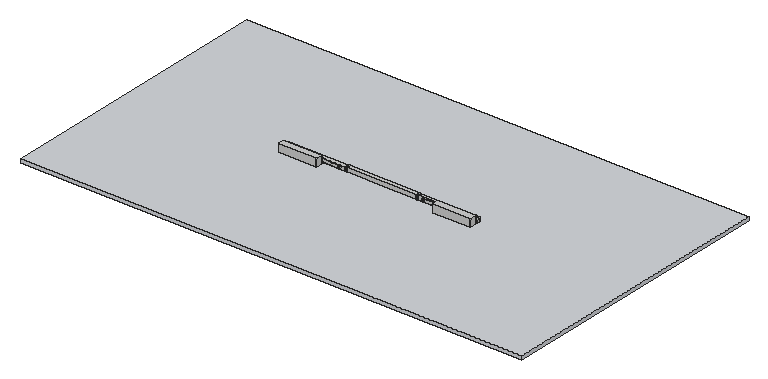
Revit family "Doors - Hardware_Double-Door_Dormakaba_TS98-GSR-XEA", category Allgemeines Modell, Revit 2016
Family settings
  Basisbauteil = Fläche
  Teiletyp = Normal
  Kann Basisbauteil für Bewehrung sein = Nein
  Bemaßung runder Anschluss = Durchmesser verwenden
  OmniClass-Nummer = 23.30.40.11.27.11
  OmniClass-Titel = Door Closers
  Beim Laden mit Abzugskörper schneiden = Nein
  Gemeinsam genutzt = Nein
  Raumberechnungspunkt = Nein
Parameters
  Youtube clip = ""
  Weight Net (Kg) = "3.4"
  Uniformat II Description = ""
  Uniformat II Code = ""
  Uniclass 2015 Name = "Uncontrolled door closers"
  Uniclass 2015 Code = "Pr_30_36_59_92"
  Uniclass 2.0 Description = ""
  Uniclass 2.0 Code = ""
  Uniclass 1.4 Description = "Door closers"
  Uniclass 1.4 Code = "L41812"
  UNSPSC Code = ""
  Technical description = ""
  Push side = TS 98-GSR-XEA_Push-Side-Door_Fixing : TS 98-GSR-XEA_Push-Side-Door_Fixing
  Pull Side Door = TS 98-GSR-XEA-Pull-Side-Door_Fixing : TS 98-GSR-XEA-Pull-Side-Door_Fixing
  Product url = "http://www.dorma.com/gb/en/products/opening_closing/door_closers/index-23222-23225.html"
  Product certification = ""
  Product SKU = "g-sr_xea"
  Primary Material = Aluminium-Dormakaba-Anodized Silver
  Operator Length [instance] = if(Door Closers Types = Pull Side Door, 592 mm, 627 mm)  # 592 mm
  Opening Angle = 0.00°
  OmniClass Description = "Door Closers"
  OmniClass Code = "23-17 19 11 19 11"
  Nominal width = 3051 mm
  Nominal height = 30 mm
  NBS Reference Description = "Door Hardware Systems"
  NBS Reference Code = "25-38-20-20"
  Max Depth Jamb to Door = if(and(Door Closers Types = Pull Side Door, Depth Jamb to Door > 16 mm), 16 mm, if(and(Door Closers Types = Push side, Depth Jamb to Door > 26 mm), 26 mm, Depth Jamb to Door))  # 0 mm
  Material secondary = "Zink"
  Material main = "Aluminium"
  Manufacturer name = "DORMA"
  Manufacturer country = "Germany"
  Installation instructions = ""
  Hinge Length Constraint [instance] = if(and(Door Closers Types = Pull Side Door, Hinge Distance < 1220 mm), 1220 mm, if(and(Door Closers Types = Push side, Hinge Distance < 1350 mm), 1350 mm, if(and(Door Closers Types = Pull Side Door, Hinge Distance > 3200 mm), 3200 mm, if(and(Door Closers Types = Push side, Hinge Distance > 3200 mm), 3200 mm, Hinge Distance))))  # 1800 mm
  Hinge Distance = 1800 mm
  Front Position Closer Height [instance] = if(Door Closers Types = Pull Side Door, 96 mm, 83 mm)  # 96 mm
  Extension Legth [instance] = Hinge Length Constraint - 2 * Operator Length  # 616 mm
  Extension Height = 17 mm  # constant formula
  Edition number = 1
  EAN code = ""
  Door Closers Types = TS 98-GSR-XEA-Pull-Side-Door_Fixing : TS 98-GSR-XEA-Pull-Side-Door_Fixing
  Design country = "Germany"
  Depth Jamb to Door = 0 mm
  Default Elevation = 1219.2 mm
  Date of publishing = ""
  Clearance Visibility [instance] = yes
  Clearance Height [instance] = if(Door Closers Types = Push side, 130 mm, 143 mm)  # 143 mm
  Brand url = "http://www.dormakaba.com"
Reference planes
  plane 1 "Center (Front/Back)": y = 0
  plane 2: z = 0
  plane 3 "Center (Left/Right)": x = 0
  plane 4: y = -100
  plane 5: x = 74.5
  plane 6: y = -4
  plane 7: x = 1800
  plane 8: x = 1725.5
  plane 9: x = 592
  plane 10: x = 1208
  plane 11: y = 13
  plane 12: y = 35.947
  plane 13: x = 583
  plane 14: x = 601
  plane 15: x = 1199
  plane 16: y = 12
  plane 17: x = 1217
  plane 18: z = 0
Forms (mm)
  Extrusion 1, solid
    sketch origin (0, 0, 0) x (1, 0, 0) y (0, 1, 0)
      loop
        line (-1219.2, 1219.2) -> (-1219.2, -1219.2) -> (3090.003, -1219.2) -> (3090.003, 1219.2) -> (-1219.2, 1219.2)
    from 0 to -33.658
  Extrusion 2, solid, material "Aluminium-Dormakaba-Anodized Silver" <- "Primary Material"
    sketch origin (0, 0, 0) x (1, 0, 0) y (0, 1, 0)
      loop
        line (592, 13) -> (1208, 13) -> (1208, 43) -> (592, 43) -> (592, 13)
    from 0 to 34
  Extrusion 3, solid, material "Aluminium-Dormakaba-Anodized Silver" <- "Primary Material"
    sketch origin (0, 0, 0) x (1, 0, 0) y (0, 1, 0)
      loop
        line (583, 12) -> (601, 12) -> (601, 44.602) -> (583, 44.602) -> (583, 12)
    from 0 to 35
  Extrusion 4, solid, material "Aluminium-Dormakaba-Anodized Silver" <- "Primary Material"
    sketch origin (246, 0, 0) x (1, 0, 0) y (0, 1, 0)
      loop
        line (953, 12) -> (971, 12) -> (971, 44.602) -> (953, 44.602) -> (953, 12)
    from 0 to 35
Dimensions and locks
  locked: plane 4 to plane 1 "Center (Front/Back)" at 100
  locked: plane 3 "Center (Left/Right)" to plane 5 at 74.5
  "Front Position Closer Height": plane 6 to plane 4
  locked: plane 8 to plane 7 at 74.5
  "Hinge Length Constraint": plane 3 "Center (Left/Right)" to plane 7
  "Operator Length": plane 3 "Center (Left/Right)" to plane 9
  "Extension Height": plane 11 to plane 6
  plane 13 to plane 9 to plane 14 = 9 mm locked, 9 mm locked
  "Extension Legth": plane 9 to plane 10
  plane 15 to plane 10 to plane 17 = 9 mm locked, 9 mm locked
  Extrusion 4 sketch curve to Extrusion 4 sketch curve = 32.602 mm
  plane 16 to Extrusion 3 sketch curve = 32.602 mm
  locked: plane 11 to plane 16 at 1
  Extrusion 2 sketch curve to Extrusion 2 sketch curve = 30 mm
  "Max Depth Jamb to Door": plane 2 to plane 18
  aligned and locked: Extrusion 1 to plane 2
  aligned and locked: Extrusion 1 to level
  aligned and locked: Extrusion 2 to plane 9  (x3)
  aligned and locked: Extrusion 3 sketch curve to plane 13
  aligned and locked: plane 14 to Extrusion 3 sketch curve
  aligned and locked: plane 16 to Extrusion 3  (x4)
  aligned and locked: plane 10 to Extrusion 2  (x3)
  aligned and locked: plane 16 to Extrusion 4  (x4)
  aligned and locked: Extrusion 4 to plane 15  (x3)
  aligned and locked: plane 17 to Extrusion 4  (x3)
  aligned and locked: Extrusion 3 to plane 13  (x3)
  aligned and locked: plane 14 to Extrusion 3  (x3)
  aligned and locked: Extrusion 4 to Extrusion 3
  aligned and locked: Extrusion 2 to plane 11
  aligned and locked: plane 3 "Center (Left/Right)" to nested 1
  aligned and locked: nested 1 to plane 6
  aligned and locked: plane 7 to nested 2
  aligned and locked: nested 2 to plane 6
  aligned and locked: plane 3 "Center (Left/Right)" to nested 3
  aligned and locked: nested 3 to plane 4
  aligned and locked: plane 3 "Center (Left/Right)" to nested 4
  aligned and locked: nested 4 to plane 18
  aligned and locked: plane 18 to nested 4
Automatic sketch dimensions
  Extrusion 1 sketch curve to Extrusion 1 sketch curve = 4309.203 mm
  Extrusion 1 sketch curve to Extrusion 1 sketch curve = 2438.4 mm
  Extrusion 2 sketch curve to plane 9 = 0 mm
  Extrusion 2 sketch curve to plane 11 = 0 mm
  plane 16 to Extrusion 3 sketch curve = 0 mm
  Extrusion 4 sketch curve to plane 15 = 0 mm
  Extrusion 4 sketch curve to plane 17 = 0 mm
  plane 16 to Extrusion 4 sketch curve = 0 mm
  Extrusion 2 sketch curve to plane 10 = 0 mm
Nested families
  nested 1: "TS 98-GSR-XEA-Pull-Side-Door_Fixing" at (0, -4, 0), type <- "Door Closers Types", type "TS 98-GSR-XEA-Pull-Side-Door_Fixing"
    with Position closer 0 mm
  nested 2: "TS 98-GSR-XEA-Pull-Side-Door_Fixing" at (1800, -4, 0) x (-1, 0, 0) z (0, 0, 1), type <- "Door Closers Types", type "TS 98-GSR-XEA-Pull-Side-Door_Fixing"
    with Position closer 0 mm
  nested 3: "V2" at (0, 0, 0), visible <- "Clearance Visibility", type "V2"
    with a 143 mm, width 1800 mm
  nested 4: "V3" at (0, 0, 0) x (1, 0, 0) z (0, -1, 0), type "V3"
    with W 1800 mm
Definition of nested family "TS 98-GSR-XEA-Pull-Side-Door_Fixing"
  Parameters (values of type "TS 98-GSR-XEA-Pull-Side-Door_Fixing")
    visibility = yes
    Primary Material = none
    Position closer = 10 mm
    Position Closer Control = 16 mm
    Operator distributed length = 591.9 mm  # constant formula
    Opening Angle = 0.00°
    Max Door Width = "Door Width=1400mm"  # constant formula
    Default Elevation = 1219.2 mm
    Axis 2 V = 15.5 mm  # constant formula
    Axis 2 H = Operator distributed length - Axis 1 H + (sqrt((374 mm) ^ 2 - (Axis 1 V - Axis 2 V) ^ 2))  # 540.041 mm
    Axis 1 V = (178.9 mm * sin(11.938° + Opening Angle)) + 60 mm  # 97.006 mm
    Axis 1 H = Operator distributed length - (178.9 mm * cos(11.938° + Opening Angle))  # 416.869 mm
  Reference planes
    plane 1 "Center (Front/Back)": y = 0
    plane 2: z = 0
    plane 3 "Center (Left/Right)": x = 0
    plane 4: y = 4
    plane 5: z = -10
    plane 6: x = 175.031
    plane 7: x = 540.041
    plane 8: x = 74.4
    plane 9: x = 591.9
    plane 10: z = 27.006
    plane 11: z = 15.5
    plane 12: x = 364.726
    plane 13: y = 0
    plane 14: y = -96
    plane 15: x = 401.4
    plane 16: z = -70
    plane 17: z = 55
  Forms (mm)
    Extrusion 1, solid
      sketch origin (0, 0, 0) x (1, 0, 0) y (0, 1, 0)
        loop
          line (-1219.2, 1219.2) -> (-1219.2, -1219.2) -> (1219.2, -1219.2) -> (1219.2, 1219.2) -> (-1219.2, 1219.2)
      from 0 to -304.8
    Extrusion 2, solid, material <- "Primary Material"
      sketch origin (0, 0, 0) x (1, 0, 0) y (0, 1, 0)
        loop
          arc (79.425, 47.305) -> (75.771, 44.296) -> (74.4, 39.767) r 8.168
          line (74.4, 39.767) -> (74.4, 22.505)
          arc (74.4, 22.505) -> (75.923, 18.828) -> (79.6, 17.305) r 5.2
          line (79.6, 17.305) -> (586.7, 17.305)
          arc (586.7, 17.305) -> (590.377, 18.828) -> (591.9, 22.505) r 5.2
          line (591.9, 22.505) -> (591.9, 42.105)
          arc (591.9, 42.105) -> (590.377, 45.782) -> (586.7, 47.305) r 5.2
          line (586.7, 47.305) -> (79.425, 47.305)
      from 0 to 34
    Sweep 3, solid, material <- "Primary Material"
      path origin (175.031, 0, 27.006) x (0.999504, 0, -0.031507) y (0.031507, 0, 0.999504)
        loop
          line (0, 0) -> (365.192, 0)
      profile origin (357.536, 0, 21.253) x (0.031507, 0, 0.999504) y (0, -1, 0)
        loop
          line (-11, -10.9) -> (-11, -15.9) -> (11, -15.9) -> (11, -10.9) -> (-11, -10.9)
    Revolve 4, solid, material <- "Primary Material"
      sketch origin (549.133, -4572, 15.5) x (-1, 0, 0) y (0, -1, 0)
        loop
          line (9.092, -4582.9) -> (9.092, -4582) -> (4.117, -4582) -> (4.117, -4582.9) -> (9.092, -4582.9)
        axis (9.092, -4582.9) -> (9.092, -4581.9)
      angle from 0 to 360
    Extrusion 5, solid, material <- "Primary Material"
      sketch origin (175.031, 0, 27.006) x (0.999504, 0, -0.031507) y (0.031507, 0, 0.999504)
        loop
          circle (365.192, 0) r 8
      from -16.705 to -15.9
    Extrusion 6, solid, material <- "Primary Material"
      sketch origin (0, 0, -10) x (-0.642788, 0, 0.766044) y (-0.766044, 0, -0.642788)
        loop
          circle (-84.159, -157.868) r 11
      from -15.9 to -10.9
    Extrusion 7, solid, material <- "Primary Material"
      sketch origin (0, 0, -10) x (-0.642788, 0, 0.766044) y (-0.766044, 0, -0.642788)
        loop
          circle (-84.159, -157.868) r 11
      from -10.9 to 0
    Extrusion 8, solid, material <- "Primary Material"
      sketch origin (0, 0, -10) x (-0.642788, 0, 0.766044) y (-0.766044, 0, -0.642788)
        loop
          circle (-327.598, -430.087) r 11
      from -15.9 to -10.9
  Lines and regions (mm)
    reference lines
      curve 1: line (0, 0, -10) -> (591.9, 0, -10)
      curve 2: line (175.031, 0, 27.006) -> (540.041, 0, 15.5)
    symbolic lines, visible <- "visibility"
      curve 3: line (0, -60, -10) -> (0, -60, 55)
      curve 4: line (0, 47.305, -10) -> (0, 47.305, 55)
      curve 5: line (0, 47.305, 55) -> (0, -60, 55)
      curve 6: line (0, -60, -10) -> (0, 47.305, -10)
  Dimensions and locks
    "Position closer": level to plane 5
    plane 3 "Center (Left/Right)" to plane 8 to plane 9 = 74.4 mm locked, 517.5 mm locked
    "Axis 2 V": plane 11 to level
    "Axis 2 H": plane 7 to plane 3 "Center (Left/Right)"
    "Operator distributed length": plane 3 "Center (Left/Right)" to plane 9
    "Operator distributed length": curve 1 to curve 1
    "Axis 1 H": plane 9 to plane 6
    plane 9 to plane 8 = 517.5 mm
    locked: plane 4 to plane 14 at 100
    locked: plane 14 to plane 13 at 96
    "Axis 1 V": plane 10 to plane 16
    locked: plane 5 to plane 16 at 60
    locked: plane 17 to plane 5 at 65
    radius of Extrusion 6 sketch curve = 11 mm
    radius of Extrusion 7 sketch curve = 11 mm
    radius of Extrusion 8 sketch curve = 11 mm
    "Opening Angle": angle plane 5 to curve 1
    aligned and locked: plane 2 to Extrusion 1
    aligned and locked: level to Extrusion 1
    aligned and locked: plane 3 "Center (Left/Right)" to curve 1
    aligned and locked: plane 5 to curve 1
    aligned and locked: plane 9 to Extrusion 2
    aligned and locked: Extrusion 2 to plane 8
    aligned and locked: plane 11 to Extrusion 5 sketch curve
    aligned and locked: plane 6 to Extrusion 6 sketch curve
    aligned and locked: plane 10 to Extrusion 6 sketch curve
    aligned and locked: plane 6 to Extrusion 7 sketch curve
    aligned and locked: plane 10 to Extrusion 7 sketch curve
    aligned and locked: plane 7 to Extrusion 8 sketch curve
    aligned and locked: plane 11 to Extrusion 8 sketch curve
    aligned and locked: plane 3 "Center (Left/Right)" to nested 1
    aligned and locked: plane 5 to nested 1  (x2)
    aligned and locked: nested 1 to plane 1 "Center (Front/Back)"
    aligned and locked: plane 5 to curve 6
    aligned and locked: curve 5 to plane 17
  Automatic sketch dimensions
    Extrusion 1 sketch curve to Extrusion 1 sketch curve = 2438.4 mm  (x2)
    Extrusion 2 sketch curve to plane 8 = 0 mm
    Extrusion 2 sketch curve to plane 9 = 0 mm
    plane 8 to Extrusion 2 sketch curve = 5.025 mm
    plane 8 to Extrusion 2 sketch curve = 5.2 mm
    plane 8 to Extrusion 2 sketch curve = 8.168 mm
    Extrusion 2 sketch curve to plane 9 = 5.2 mm  (x2)
    plane 4 to Extrusion 2 sketch curve = 13.305 mm
    Extrusion 2 sketch curve to Extrusion 2 sketch curve = 19.6 mm
    Sweep 3 sketch curve to curve 2 = 0 mm  (x3)
    curve 2 to Extrusion 5 sketch curve = 0 mm
    profile plane to Sweep 3 sketch curve = 11 mm
    Sweep 3 sketch curve to profile plane = 11 mm
    Sweep 3 sketch curve to profile plane = 15.9 mm
    Sweep 3 sketch curve to Sweep 3 sketch curve = 5 mm
    Revolve 4 sketch curve to plane 7 = 0 mm  (x2)
    plane 7 to Revolve 4 sketch curve = 4.975 mm
    plane 4 to Revolve 4 sketch curve = 6.9 mm
    Revolve 4 sketch curve to Revolve 4 sketch curve = 0.9 mm
    Revolve 4 sketch curve to Revolve 4 sketch curve = 0 mm  (x2)
    plane 14 to curve 3 = 36 mm
    plane 4 to curve 5 = 43.305 mm
    curve 2 to plane 6 = 0 mm
    curve 2 to plane 7 = 0 mm
    curve 2 to plane 11 = 0 mm
    curve 2 to plane 10 = 0 mm
    radius of Extrusion 5 sketch curve = 8 mm
  Nested families
    nested 1: "Body" at (0, -60, -10), type "Family22"
  Definition of nested family "Body"
    Parameters (values of type "Family22")
      Primary Material = none
      Angle = 0.00°
    Reference planes
      plane 1 "Center (Front/Back)": y = 0
      plane 2: z = 0
      plane 3 "Center (Left/Right)": x = 0
    Forms (mm)
      Sweep 1, solid, material <- "Primary Material"
        path origin (0, 0, 0) x (0, 0, 1) y (-1, 0, 0)
          loop
            line (0, 0) -> (65, 0)
        profile "Family18 : Family18" origin (0, 0, 32.5) x (-1, 0, 0) y (0, -1, 0)
          loop
            line (-80, 0) -> (-396, 0)
            arc (-396, 0) -> (-399.889, -1.611) -> (-401.5, -5.5) r 5.5
            line (-401.5, -5.5) -> (-401.5, -54.5)
            arc (-401.5, -54.5) -> (-399.889, -58.389) -> (-396, -60) r 5.5
            line (-396, -60) -> (-80, -60)
            arc (-80, -60) -> (-76.111, -58.389) -> (-74.5, -54.5) r 5.5
            line (-74.5, -54.5) -> (-74.5, -5.5)
            arc (-74.5, -5.5) -> (-76.111, -1.611) -> (-80, 0) r 5.5
    Lines and regions (mm)
      reference lines
        curve 1: line (0, 0, 0) -> (1540, 0, 0)
        curve 2: line (0, 0, 0) -> (0, 0, 420)
    Dimensions and locks
      locked: Sweep 1 sketch curve to Sweep 1 sketch curve at 65
      "Angle": angle level to curve 1
      angle curve 1 to curve 2 = 90.00°
      aligned and locked: level to plane 2
      aligned and locked: plane 2 to curve 2
      aligned and locked: plane 3 "Center (Left/Right)" to curve 2
      aligned and locked: Sweep 1 sketch curve to curve 2
    Automatic sketch dimensions
      Sweep 1 sketch curve to curve 2 = 0 mm
Definition of nested family "V2"
  Parameters (values of type "V2")
    a = 107 mm
    Visible = yes
    width = 845 mm
    H = 143 mm
  Reference planes
    plane 1 "Center (Front/Back)": y = 0
    plane 2: z = 0
    plane 3 "Center (Left/Right)": x = 0
    plane 4: y = -100
    plane 5: y = 43
  Lines and regions (mm)
    detail lines, in view "Ref. Level", visible <- "Visible"
      curve 1: line (0, -64, 0) -> (0, 43, 0)
      curve 2: line (0, 43, 0) -> (845, 43, 0)
      curve 3: line (845, 43, 0) -> (845, -64, 0)
      curve 4: line (845, -64, 0) -> (0, -64, 0)
  Dimensions and locks
    "a": curve 2 to curve 4
    "width": curve 1 to curve 3
    locked: plane 1 "Center (Front/Back)" to plane 4 at 100
    "H": plane 5 to plane 4
  Automatic sketch dimensions
    curve 1 to plane 3 "Center (Left/Right)" = 0 mm
    curve 3 to plane 5 = 0 mm
Definition of nested family "V3"
  Parameters (values of type "V3")
    a = 65 mm
    Visible = yes
    W = 627 mm
  Reference planes
    plane 1 "Center (Front/Back)": y = 0
    plane 2: z = 0
    plane 3 "Center (Left/Right)": x = 0
  Lines and regions (mm)
    detail lines, in view "Ref. Level", visible <- "Visible"
      curve 1: line (0, 0, 0) -> (0, 65, 0)
      curve 2: line (0, 65, 0) -> (627, 65, 0)
      curve 3: line (627, 65, 0) -> (627, 0, 0)
      curve 4: line (627, 0, 0) -> (0, 0, 0)
  Dimensions and locks
    "a": curve 2 to curve 4
    "W": curve 1 to curve 3
  Automatic sketch dimensions
    curve 1 to plane 3 "Center (Left/Right)" = 0 mm
    plane 1 "Center (Front/Back)" to curve 4 = 0 mm
